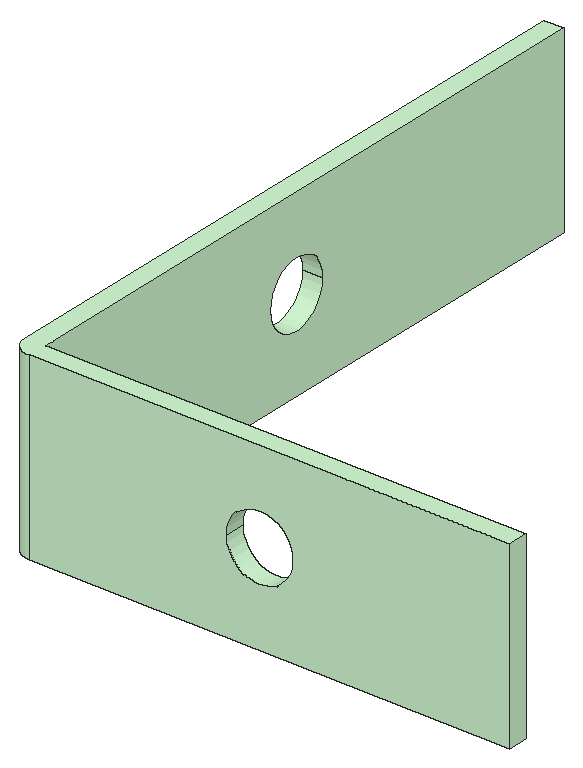
Revit family "HL金具", category 機械設備, Revit 2020
Family settings
  丸型コネクタ寸法 = 直径を使用
  種別 = なし
  パーツ タイプ = 標準
  作業面ベース = いいえ
  常に垂直 = はい
  ロード時にボイドで切り取り = いいえ
  共有 = いいえ
  部屋計算ポイント = いいえ
Parameters
  製造元 = "株式会社桐井製作所"
  既定の高さ = 0 mm
  URL = "https://www.kirii.co.jp/"
  K_材質 = "溶融亜鉛めっき鋼板及び鋼帯 SGCC 一般用"
  K_品名 = "HL金具"
  K_名称 = "HL金具"
  K_バージョン情報 = "20220915"
  K_JIS規格 = "JIS G 3302"
Reference planes
  plane 1 "中心(正面/背面)": y = 0
  plane 2: z = 0
  plane 3 "中心(左/右)": x = 0
Forms (mm)
  Extrusion 1, solid
    sketch origin (0, 0, 0) x (1, 0, 0) y (0, 1, 0)
      loop
        line (1.2, 1.2) -> (1.2, 40) -> (0, 40) -> (0, 1.2)
        arc (0, 1.2) -> (0.351, 0.351) -> (1.2, 0) r 1.2
        line (1.2, 0) -> (30, 0) -> (30, 1.2) -> (1.2, 1.2)
    from -11 to 0
  Extrusion 2, void
    sketch origin (0, 0, 0) x (1, 0, 0) y (0, 0, 1)
      loop
        circle (15, -5.5) r 2
    from -1.2 to 0
  Extrusion 3, void
    sketch origin (0, 0, 0) x (0, 1, 0) y (0, 0, 1)
      loop
        circle (20, -5.5) r 2
    from 0 to 1.2
Cuts and joins
  Extrusion 2, Extrusion 3 cuts Extrusion 1
Dimensions and locks
  aligned and locked: level to plane 2
